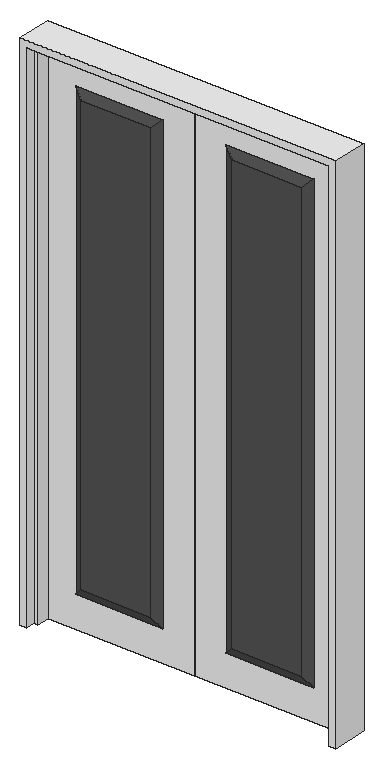
Revit family
Parameters (values of type "3000x1800 mm")
  프레임 = ""
  철물 = ""
  유리/마감 = ""
  위치/개소 = ""
  부호 = "1/SPD"
  문 틀 = 문 틀
  문번호 = "1"
  문기호 = "SPD"
  문 = 문
  가죽 = 가죽
  Height = 3000 mm
  Wall Closure = (empty or 0)
  Width = 1800 mm
  Assembly Code = ""
Reference planes
  plane 1: y = 0
  plane 2 "중심(왼쪽/오른쪽)": x = 0
  plane 3 "왼쪽": x = -900
  plane 4 "오른쪽": x = 900
  plane 5: z = 3000
  plane 6 "외부": y = 100
  plane 7 "내부": y = -100
  plane 8: x = -860
  plane 9: x = 860
  plane 10: x = -840
  plane 11: x = 840
  plane 12: y = 20
  plane 13: y = -50
  plane 14: z = 2960
  plane 15: z = 2940
  plane 16: z = 2780
  plane 17: z = 180
  plane 18: x = 680
  plane 19: x = -680
  plane 20: y = 125
  plane 21: y = -5
  plane 22: x = 180
  plane 23: x = -180
  plane 24: x = -1200
  plane 25: x = 1200
  plane 26: z = 3300
  plane 27: z = -300
Forms (mm)
  Sweep 1, solid, material "문 틀" <- "문 틀"
    path origin (0, 100, 0) x (1, 0, 0) y (0, 0, 1)
      loop
        line (900, 0) -> (900, 3000) -> (-900, 3000) -> (-900, 0)
    profile origin (900, 100, 1500) x (-1, 0, 0) y (0, -1, 0)
      loop
        line (0, 0) -> (40, 0) -> (40, 80) -> (60, 80) -> (60, 150) -> (40, 150) -> (40, 200) -> (0, 200) -> (0, 0)
  Extrusion 2, solid, material "문" <- "문"
    sketch origin (0, 0, 0) x (1, 0, 0) y (0, 1, 0)
      loop
        line (-860, 20) -> (0, 20) -> (0, 100) -> (-860, 100) -> (-860, 20)
    from 0 to 2960
  Extrusion 3, solid, material "문" <- "문"
    sketch origin (0, 0, 0) x (1, 0, 0) y (0, 1, 0)
      loop
        line (860, 100) -> (0, 100) -> (0, 20) -> (860, 20) -> (860, 100)
    from 0 to 2960
  Blend 4, solid, material "가죽" <- "가죽"
    base sketch origin (0, 100, 0) x (1, 0, 0) y (0, 0, 1)
      loop
        line (680, 2780) -> (180, 2780) -> (180, 180) -> (680, 180) -> (680, 2780)
    top sketch origin (0, 100, 0) x (1, 0, 0) y (0, 0, 1)
      loop
        line (630, 2730) -> (230, 2730) -> (230, 230) -> (630, 230) -> (630, 2730)
    from 0 to -25
  Blend 5, solid, material "가죽" <- "가죽"
    base sketch origin (0, -85, 0) x (1, 0, 0) y (0, 0, -1)
      loop
        line (680, -2780) -> (680, -180) -> (180, -180) -> (180, -2780) -> (680, -2780)
    top sketch origin (0, -85, 0) x (1, 0, 0) y (0, 0, -1)
      loop
        line (630, -2730) -> (630, -230) -> (230, -230) -> (230, -2730) -> (630, -2730)
    from 105 to 80
  Blend 6, solid, material "가죽" <- "가죽"
    base sketch origin (-1060, 100, 0) x (1, 0, 0) y (0, 0, 1)
      loop
        line (880, 2780) -> (380, 2780) -> (380, 180) -> (880, 180) -> (880, 2780)
    top sketch origin (-1060, 100, 0) x (1, 0, 0) y (0, 0, 1)
      loop
        line (830, 2730) -> (430, 2730) -> (430, 230) -> (830, 230) -> (830, 2730)
    from 0 to -25
  Blend 7, solid, material "가죽" <- "가죽"
    base sketch origin (-860, -110, 0) x (1, 0, 0) y (0, 0, -1)
      loop
        line (680, -2780) -> (680, -180) -> (180, -180) -> (180, -2780) -> (680, -2780)
    top sketch origin (-860, -110, 0) x (1, 0, 0) y (0, 0, -1)
      loop
        line (630, -2730) -> (630, -230) -> (230, -230) -> (230, -2730) -> (630, -2730)
    from 130 to 105
Lines and regions (mm)
  Opening 1
    outline origin (-3050, -100, 0) x (1, 0, 0) y (0, 0, 1)
      loop
        line (2150, 0) -> (3950, 0) -> (3950, 3000) -> (2150, 3000) -> (2150, 0)
  symbolic lines, style "DoorsPanelProjection"
    curve 1: line (-860, 100, 0) -> (-860, 960, 0)
    curve 11: line (860, 100, 0) -> (860, 960, 0)
    curve 28: line (-900, 100, 0) -> (-860, 100, 0)
    curve 29: line (-900, -100, 0) -> (-900, 100, 0)
    curve 30: line (-860, -100, 0) -> (-900, -100, 0)
    curve 31: line (-860, 100, 0) -> (-860, -100, 0)
    curve 32: line (860, 100, 0) -> (900, 100, 0)
    curve 33: line (860, -100, 0) -> (860, 100, 0)
    curve 34: line (900, -100, 0) -> (860, -100, 0)
    curve 35: line (900, 100, 0) -> (900, -100, 0)
  symbolic lines, style "평면 스윙"
    curve 2: arc (-860, 960, 0) -> (-251.888, 708.112, 0) -> (0, 100, 0) r 860
    curve 12: arc (860, 960, 0) -> (251.888, 708.112, 0) -> (0, 100, 0) r 860
  symbolic lines
    curve 3: line (840, 100, 2940) -> (540, 100, 2940)
    curve 4: line (840, 100, 2870) -> (840, 100, 2940)
    curve 5: line (540, 100, 2870) -> (840, 100, 2870)
    curve 6: line (540, 100, 2940) -> (540, 100, 2870)
    curve 7: line (-840, 100, 2940) -> (-540, 100, 2940)
    curve 8: line (-840, 100, 2870) -> (-840, 100, 2940)
    curve 9: line (-540, 100, 2870) -> (-840, 100, 2870)
    curve 10: line (-540, 100, 2940) -> (-540, 100, 2870)
    curve 36: line (-860, 100, 0) -> (860, 100, 0)
  symbolic lines, style "입면도 스윙"
    curve 13: line (0, 125, 2960) -> (860, 125, 1480)
    curve 14: line (860, 125, 1480) -> (0, 125, 0)
    curve 15: line (0, 125, 0) -> (-860, 125, 1480)
    curve 16: line (-860, 125, 1480) -> (0, 125, 2960)
  symbolic lines, style "DoorsOpeningProjection"
    curve 17: line (-900, 125, 3300) -> (-900, 125, -300)
    curve 18: line (905, 125, 3005) -> (905, 125, 0)
    curve 19: line (-1200, 125, 3000) -> (1200, 125, 3000)
    curve 20: line (-895, 125, 2995) -> (-895, 125, 5)
    curve 21: line (-905, 125, 3005) -> (-905, 125, 0)
    curve 22: line (-895, 125, 2995) -> (895, 125, 2995)
    curve 23: line (-905, 125, 3005) -> (905, 125, 3005)
    curve 24: line (1200, 125, 0) -> (-1200, 125, 0)
    curve 25: line (895, 125, 5) -> (-895, 125, 5)
    curve 26: line (900, 125, 3300) -> (900, 125, -300)
    curve 27: line (895, 125, 2995) -> (895, 125, 5)
Text (mm)
  text "외부" at (-2295.016, 1099.543, 0), in view "참조 레벨"
  text "외부" at (0, 1615.38, 3698.081), in view "왼쪽"
  text "외부" at (0, 1036.032, 3874.932), in view "오른쪽"
Dimensions and locks
  equal spacing: plane 3 "왼쪽", plane 2 "중심(왼쪽/오른쪽)", plane 4 "오른쪽"
  "Width": plane 3 "왼쪽" to plane 4 "오른쪽"
  "Height": plane 5 to host wall
  host wall to plane 5 = 3000 mm  (x2)
  locked: plane 6 "외부" to host wall at 0
  locked: plane 7 "내부" to host wall
  locked: plane 3 "왼쪽" to plane 8 at 40
  locked: plane 3 "왼쪽" to plane 10 at 60
  locked: plane 9 to plane 4 "오른쪽" at 40
  locked: plane 11 to plane 4 "오른쪽" at 60
  locked: plane 12 to plane 6 "외부" at 80
  locked: plane 13 to plane 7 "내부" at 50
  locked: plane 14 to plane 5 at 40
  locked: plane 15 to plane 5 at 60
  locked: plane 16 to plane 14 at 180
  locked: level to plane 17 at 180
  locked: plane 18 to plane 9 at 180
  locked: plane 8 to plane 19 at 180
  locked: plane 20 to plane 6 "외부" at 25
  locked: plane 12 to plane 21 at 25
  locked: plane 2 "중심(왼쪽/오른쪽)" to plane 22 at 180
  locked: plane 23 to plane 2 "중심(왼쪽/오른쪽)" at 180
  plane 22 to Blend 4 sketch curve = 50 mm
  Blend 4 sketch curve to plane 18 = 50 mm
  plane 17 to Blend 4 sketch curve = 50 mm
  Blend 4 sketch curve to plane 16 = 50 mm
  curve 20 to curve 17 to curve 21 = 5 mm locked, 5 mm locked
  curve 18 to curve 26 to curve 27 = 5 mm locked, 5 mm locked
  locked: curve 24 to curve 25 at 5
  curve 22 to curve 19 to curve 23 = 5 mm locked, 5 mm locked
  aligned and locked: plane 3 "왼쪽" to Opening 1 sketch curve
  aligned and locked: plane 5 to Opening 1 sketch curve  (x2)
  aligned and locked: Opening 1 sketch curve to plane 4 "오른쪽"
  aligned and locked: Opening 1 sketch curve to level
  aligned and locked: plane 1 to host wall
  aligned and locked: Sweep 1 sketch curve to plane 3 "왼쪽"
  aligned and locked: plane 5 to Sweep 1 sketch curve
  aligned and locked: plane 4 "오른쪽" to Sweep 1 sketch curve
  aligned and locked: Sweep 1 sketch curve to plane 13
  aligned and locked: Extrusion 2 sketch curve to Sweep 1  (x2)
  aligned and locked: plane 6 "외부" to Extrusion 2 sketch curve
  aligned and locked: plane 2 "중심(왼쪽/오른쪽)" to Extrusion 2 sketch curve
  aligned and locked: plane 14 to Extrusion 3
  aligned and locked: plane 14 to Extrusion 2
  aligned and locked: Blend 4 to plane 20
  aligned and locked: plane 21 to Blend 5
  aligned and locked: Blend 5 to Extrusion 3
  aligned and locked: Blend 6 to plane 20
  aligned and locked: Blend 7 to Extrusion 2
  aligned and locked: plane 21 to Blend 7
  aligned and locked: curve 26 to plane 4 "오른쪽"
  aligned and locked: curve 17 to plane 3 "왼쪽"
  aligned and locked: curve 19 to plane 5
  aligned and locked: curve 24 to level
  aligned and locked: curve 29 to plane 3 "왼쪽"
  aligned and locked: plane 8 to curve 31
  aligned and locked: plane 6 "외부" to curve 28
  aligned and locked: curve 30 to plane 7 "내부"
  aligned and locked: curve 34 to plane 7 "내부"
  aligned and locked: plane 4 "오른쪽" to curve 35
  aligned and locked: plane 9 to curve 33
  aligned and locked: plane 6 "외부" to curve 32
  aligned and locked: plane 9 to curve 36
  aligned and locked: plane 6 "외부" to curve 36
Automatic sketch dimensions
  curve 9 to plane 10 = 0 mm
  curve 10 to plane 15 = 0 mm
  curve 6 to plane 15 = 0 mm
  curve 5 to plane 11 = 0 mm
  curve 10 to plane 15 = 70 mm
  curve 10 to plane 19 = 140 mm
  curve 6 to plane 18 = 140 mm
  curve 5 to plane 15 = 70 mm
  Sweep 1 sketch curve to level = 0 mm  (x2)
  Sweep 1 sketch curve to plane 6 "외부" = 0 mm
  Sweep 1 sketch curve to profile plane = 0 mm
  Sweep 1 sketch curve to profile plane = 40 mm  (x2)
  Sweep 1 sketch curve to Sweep 1 sketch curve = 20 mm
  plane 6 "외부" to Sweep 1 sketch curve = 80 mm
  Sweep 1 sketch curve to Sweep 1 sketch curve = 50 mm
  Extrusion 3 sketch curve to host wall = 0 mm
  Extrusion 3 sketch curve to plane 2 "중심(왼쪽/오른쪽)" = 0 mm
  Extrusion 3 sketch curve to plane 9 = 0 mm
  Extrusion 3 sketch curve to plane 12 = 0 mm
  Blend 4 sketch curve to plane 16 = 0 mm
  Blend 4 sketch curve to plane 22 = 0 mm
  Blend 4 sketch curve to plane 17 = 0 mm
  Blend 4 sketch curve to plane 18 = 0 mm
  Blend 5 sketch curve to plane 16 = 0 mm
  Blend 5 sketch curve to plane 22 = 0 mm
  Blend 5 sketch curve to plane 17 = 0 mm
  Blend 5 sketch curve to plane 18 = 0 mm
  Blend 5 sketch curve to plane 22 = 50 mm
  Blend 5 sketch curve to plane 18 = 50 mm
  Blend 5 sketch curve to plane 16 = 50 mm
  plane 17 to Blend 5 sketch curve = 50 mm
  Blend 6 sketch curve to plane 16 = 0 mm
  Blend 6 sketch curve to plane 19 = 0 mm
  Blend 6 sketch curve to plane 17 = 0 mm
  Blend 6 sketch curve to plane 23 = 0 mm
  Blend 6 sketch curve to plane 19 = 50 mm
  plane 23 to Blend 6 sketch curve = 50 mm
  plane 17 to Blend 6 sketch curve = 50 mm
  Blend 6 sketch curve to plane 16 = 50 mm
  Blend 7 sketch curve to plane 16 = 0 mm
  Blend 7 sketch curve to plane 19 = 0 mm
  Blend 7 sketch curve to plane 17 = 0 mm
  Blend 7 sketch curve to plane 23 = 0 mm
  Blend 7 sketch curve to plane 19 = 50 mm
  plane 23 to Blend 7 sketch curve = 50 mm
  Blend 7 sketch curve to plane 16 = 50 mm
  plane 17 to Blend 7 sketch curve = 50 mm
  curve 26 to plane 27 = 0 mm
  curve 17 to plane 27 = 0 mm
  curve 24 to plane 25 = 0 mm
  curve 24 to plane 24 = 0 mm
  curve 16 to plane 8 = 0 mm
  curve 13 to plane 9 = 0 mm
  curve 16 to plane 2 "중심(왼쪽/오른쪽)" = 0 mm
  curve 16 to plane 14 = 0 mm
  curve 19 to plane 24 = 0 mm
  curve 19 to plane 25 = 0 mm
  curve 26 to plane 26 = 0 mm
  curve 17 to plane 26 = 0 mm
  curve 14 to plane 2 "중심(왼쪽/오른쪽)" = 0 mm
  curve 16 to plane 16 = 1300 mm
  curve 13 to plane 16 = 1300 mm
  curve 2 to plane 2 "중심(왼쪽/오른쪽)" = 0 mm
  curve 12 to plane 2 "중심(왼쪽/오른쪽)" = 0 mm
